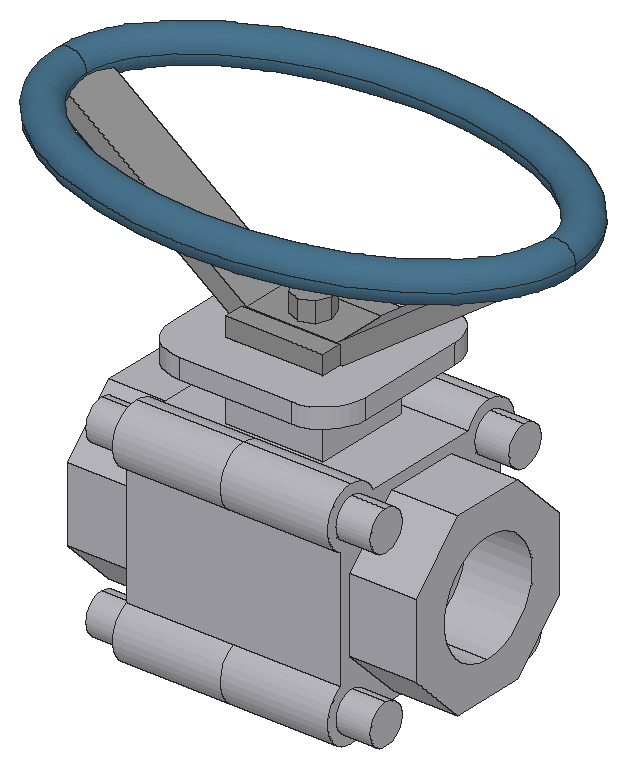
Revit family "valve-ball-3p-thd-full-body-oval-handle 320A", category Pipe Accessories, Revit 2018
Family settings
  Round Connector Dimension = Use Diameter
  Part Type = Valve - Breaks Into
  OmniClass Number = 23.60.30.11.14
  OmniClass Title = Pipework Fittings
  Work Plane-Based = No
  Always vertical = Yes
  Cut with Voids When Loaded = No
  Shared = No
Parameters
  Z4 [instance] = size_lookup(LookupTable, "Z4", 0.000", Nominal Diameter)  # 0.920"
  Z3 [instance] = size_lookup(LookupTable, "Z3", 0.000", Nominal Diameter)  # 0.200"
  Weight [instance] = size_lookup(LookupTable, "Weight", "NA", Nominal Diameter)  # "4.59 lbs."
  URL = "http://www.fnw.com"
  Standards Lookup Table = "Standards"  # constant formula
  R3 [instance] = size_lookup(LookupTable, "R3", 0.000", Nominal Diameter)  # 1.24451"
  Product ID Handle [instance] = size_lookup(LookupTable, "ProductIDHandle", "NA", Nominal Diameter)  # "4448711"
  Product ID [instance] = size_lookup(LookupTable, "ProductID", "NA", Nominal Diameter)  # "4106106"
  Pipe Diameter [instance] = size_lookup(Standards Lookup Table, "copper", 0.000", Nominal Diameter)  # 1.125"
  Pins [instance] = Lm / 2  # 0.880"
  Pin Length [instance] = X2 * 4 + X3  # 2.8824"
  Pin Diameter [instance] = size_lookup(LookupTable, "m", 0.000", Nominal Diameter)  # 0.400"
  Pin Bung [instance] = Pin Diameter * 1.5  # 0.600"
  Part Number Handle [instance] = size_lookup(LookupTable, "PartNumberHandle", "NA", Nominal Diameter)  # "FNW320AOHGH"
  Part Number [instance] = size_lookup(LookupTable, "PartNumber", "NA", Nominal Diameter)  # "FNW320ACG"
  PIpe Radius [instance] = Pipe Diameter / 2  # 0.5625"
  NPT Insert [instance] = size_lookup(Standards Lookup Table, "NPT_insert", 0.000", Nominal Diameter)  # 0.6828"
  Manufacturer = "FNW"  # constant formula
  Lm [instance] = size_lookup(LookupTable, "lm", 0.000", Nominal Diameter)  # 1.760"
  Grip Pin4 [instance] = X3 / 2 + (X2 * 2)  # 1.4412"
  Gear [instance] = D3_Half - 0.063"  # 0.4295"
  Description BOM Handle [instance] = size_lookup(LookupTable, "Description_BOMHandle", "NA", Nominal Diameter)  # "1 - 1-1/4 OVAL Handle Kit 320A BV"
  Description BOM [instance] = size_lookup(LookupTable, "Description_BOM", "NA", Nominal Diameter)  # "1 Stainless Steel 2000# 250# Steam Threaded 3 Piece BV"
  Z2 [instance] = size_lookup(LookupTable, "Z2", 0.000", Nominal Diameter)  # 0.300"
  Z1 [instance] = size_lookup(LookupTable, "Z1", 0.000", Nominal Diameter)  # 1.290"
  X3 [instance] = size_lookup(LookupTable, "X3", 0.000", Nominal Diameter)  # 1.4664"
  X2 [instance] = size_lookup(LookupTable, "X2", 0.000", Nominal Diameter)  # 0.354"
  X1 [instance] = size_lookup(LookupTable, "X1", 0.000", Nominal Diameter)  # 0.6828"
  Show Lever Clearance [instance] = no
  R2 [instance] = size_lookup(LookupTable, "R2", 0.000", Nominal Diameter)  # 1.04451"
  R1_Diam [instance] = R1 * 2  # 1.810"
  R1 [instance] = size_lookup(LookupTable, "R1", 0.000", Nominal Diameter)  # 0.905"
  Nominal Radius [instance] = Nominal Diameter / 2  # 0.500"
  Nominal Diameter [instance] = 1.000"
  LookupTable = "valve-ball-3p-thd-full-body-oval-handle 320A"  # constant formula
  HexAngle1 [instance] = 135.00°
  D4 [instance] = size_lookup(LookupTable, "D4", 0.000", Nominal Diameter)  # 0.5625"
  D3_Half [instance] = D3 / 2  # 0.4925"
  D3 [instance] = size_lookup(LookupTable, "D3", 0.000", Nominal Diameter)  # 0.985"
  D2_Half [instance] = D2 / 2  # 0.73875"
  D2 [instance] = size_lookup(LookupTable, "D2", 0.000", Nominal Diameter)  # 1.4775"
  D1_Half [instance] = D1 / 2  # 0.985"
  D1 [instance] = size_lookup(LookupTable, "D1", 0.000", Nominal Diameter)  # 1.970"
  Body_W [instance] = Lm / 2 + 0.125"  # 1.005"
  3_Z3 [instance] = size_lookup(LookupTable, "3_Z3", 0.000", Nominal Diameter)  # 1.4525"
  3_Z1 [instance] = size_lookup(LookupTable, "3_Z1", 0.000", Nominal Diameter)  # 1.630"
  3_Y1 [instance] = size_lookup(LookupTable, "3_Y1", 0.000", Nominal Diameter)  # 2.990"
  3_X3 [instance] = size_lookup(LookupTable, "3_X3", 0.000", Nominal Diameter)  # 0.985"
  3_X1 [instance] = size_lookup(LookupTable, "3_X1", 0.000", Nominal Diameter)  # 4.960"
  3_L1 [instance] = size_lookup(LookupTable, "3_L1", 0.000", Nominal Diameter)  # 0.1875"
  3_D1 [instance] = size_lookup(LookupTable, "3_D1", 0.000", Nominal Diameter)  # 0.355"
Reference planes (in)
  plane 1 "Center (Front/Back)": y = 0
  plane 2: z = 0
  plane 3 "Center (Left/Right)": x = 0
  plane 4 "X7 End": x = -1.77
  plane 5: x = -0.7332
  plane 6: x = 0.7332
  plane 7: x = 1.77
  plane 8 "Pipe radius": z = 0.5625
  plane 9 "NPT": x = -1.0872
  plane 10: z = 0.905
  plane 11: z = 1.29
  plane 12: z = 1.59
  plane 13 "top of pad": z = 1.79
  plane 14: x = 1.0872
  plane 15: x = -1.0872
  plane 16: y = -0.88
  plane 17: z = -0.88
  plane 18: z = 0.88
  plane 19: y = 0.88
  plane 20: x = 10.098
  plane 21: x = -6.87
  plane 22: y = 2.5
  plane 23: y = -2.5
  plane 24: y = -0.88
  plane 25: z = -0.88
  plane 26: z = 0.88
  plane 27: y = 0.88
  plane 28: through (0, 0, 0) normal (0, 0.7071, -0.7071)
  plane 29: through (0, 0, 0) normal (0, 0.7071, 0.7071)
  plane 30: y = -0.88
  plane 31: y = 0.88
  plane 32: y = -1.465
  plane 33: z = -1.465
  plane 34: z = 1.465
  plane 35: y = 1.465
  plane 36 "Pin Plane": x = -1.4412
  plane 37 "NPT 3": x = 1.77
  plane 38: x = 1.4412
  plane 39: z = -1.27275
  plane 40 "LM": z = 1.27275
Forms (in)
  Extrusion 1, solid, material "Steel, Stainless", not visible
    sketch origin (-1.0872, 0, 0) x (0, 0, 1) y (0, -1, 0)
      loop
        circle (0, 0) r 0.5
    from 0 to 2.1744
  Extrusion 2, solid, material "Steel, Stainless"
    sketch origin (1.4276, 0, 0) x (0, 0, 1) y (0, -1, 0)
      loop
        line (-0.37486, -0.905) -> (0.37486, -0.905) -> (0.905, -0.37486) -> (0.905, 0.37486) -> (0.37486, 0.905) -> (-0.37486, 0.905) -> (-0.905, 0.37486) -> (-0.905, -0.37486) -> (-0.37486, -0.905)
      loop
        circle (0, 0) r 0.5625
    from -3.1976 to 0.3424
  Extrusion 3, solid, material "Steel, Stainless"
    sketch origin (0, 0, 0.865) x (-1, 0, 0) y (0, -1, 0)
      loop
        arc (0.56833, -0.985) -> (0.86296, -0.86296) -> (0.985, -0.56833) r 0.41667
        line (0.985, -0.56833) -> (0.985, 0.56833)
        arc (0.985, 0.56833) -> (0.86296, 0.86296) -> (0.56833, 0.985) r 0.41667
        line (0.56833, 0.985) -> (-0.56833, 0.985)
        arc (-0.56833, 0.985) -> (-0.86296, 0.86296) -> (-0.985, 0.56833) r 0.41667
        line (-0.985, 0.56833) -> (-0.985, -0.56833)
        arc (-0.985, -0.56833) -> (-0.86296, -0.86296) -> (-0.56833, -0.985) r 0.41667
        line (-0.56833, -0.985) -> (0.56833, -0.985)
      loop
        circle (0, 0) r 0.4925
      loop
        circle (0, 0) r 0.4295
    from 0.725 to 0.925
  Extrusion 4, solid, material "Steel, Stainless"
    sketch origin (0, 0, 0.865) x (-1, 0, 0) y (0, -1, 0)
      loop
        line (0.4925, -0.4925) -> (0.4925, 0.4925) -> (-0.4925, 0.4925) -> (-0.4925, -0.4925) -> (0.4925, -0.4925)
    from -0.3025 to 0.725
  Extrusion 5, solid, material "Steel, Stainless"
    sketch origin (0, 0, 0.865) x (-1, 0, 0) y (0, -1, 0)
      loop
        line (0.21875, -0.21875) -> (0.21875, 0.21875) -> (-0.21875, 0.21875) -> (-0.21875, -0.21875) -> (0.21875, -0.21875)
    from 0.425 to 0.925
  Extrusion 6, solid, material "Steel, Stainless"
    sketch origin (-1.0872, 0, 0) x (0, 0, 1) y (0, -1, 0)
      loop
        circle (0.88, 0.88) r 0.2
      loop
        circle (0.88, -0.88) r 0.2
      loop
        circle (-0.88, -0.88) r 0.2
      loop
        circle (-0.88, 0.88) r 0.2
    from -0.354 to 2.5284
  Extrusion 7, solid, material "Steel, Stainless"
    sketch origin (-1.0872, 0, 0) x (0, 0, 1) y (0, -1, 0)
      loop
        circle (0.88, -0.88) r 0.3
      loop
        circle (0.88, 0.88) r 0.3
      loop
        circle (-0.88, 0.88) r 0.3
      loop
        circle (-0.88, -0.88) r 0.3
    from 0 to 1.0872
  Extrusion 8, solid, material "Steel, Stainless"
    sketch origin (-1.0872, 0, 0) x (0, 0, 1) y (0, -1, 0)
      loop
        circle (0.88, -0.88) r 0.3
      loop
        circle (0.88, 0.88) r 0.3
      loop
        circle (-0.88, 0.88) r 0.3
      loop
        circle (-0.88, -0.88) r 0.3
    from 1.0872 to 2.1744
  Extrusion 9, solid, material "Steel, Stainless"
    sketch origin (-1.4412, 0, 0) x (0, 0, 1) y (0, -1, 0)
      loop
        line (1.005, -1.005) -> (1.005, 1.005) -> (-1.005, 1.005) -> (-1.005, -1.005) -> (1.005, -1.005)
    from 0.354 to 2.5284
Cuts and joins
  joined: Extrusion 7, Extrusion 8, Extrusion 9
Dimensions and locks (in)
  "PIpe Radius": plane 8 "Pipe radius" to plane 2
  "X1": plane 4 "X7 End" to plane 9 "NPT"
  "R1": Extrusion 2 sketch curve to plane 1 "Center (Front/Back)"
  "R1": plane 1 "Center (Front/Back)" to Extrusion 2 sketch curve  (x5)
  "R1": plane 2 to Extrusion 2 sketch curve  (x2)
  "R1": plane 10 to plane 2
  "Z1": plane 11 to plane 2
  "Z2": plane 12 to plane 11
  "Z3": plane 13 "top of pad" to plane 12
  "X2": plane 5 to plane 9 "NPT"
  "D1_Half": Extrusion 3 sketch curve to plane 3 "Center (Left/Right)"
  "D1_Half": plane 3 "Center (Left/Right)" to Extrusion 3 sketch curve
  "D1_Half": plane 1 "Center (Front/Back)" to Extrusion 3 sketch curve
  "D1_Half": Extrusion 3 sketch curve to plane 1 "Center (Front/Back)"
  "D3_Half": Extrusion 4 sketch curve to plane 3 "Center (Left/Right)"
  "D3_Half": plane 3 "Center (Left/Right)" to Extrusion 4 sketch curve
  "D3_Half": plane 1 "Center (Front/Back)" to Extrusion 4 sketch curve  (x2)
  "NPT Insert": plane 4 "X7 End" to plane 15
  equal spacing: Extrusion 5 sketch curve, plane 1 "Center (Front/Back)", Extrusion 5 sketch curve
  Extrusion 5 sketch curve to Extrusion 5 sketch curve = 0.4375"  (x2)
  equal spacing: Extrusion 5 sketch curve, plane 3 "Center (Left/Right)", Extrusion 5 sketch curve
  "Pins": plane 2 to plane 18
  "Pins": plane 2 to plane 17
  "Pins": plane 1 "Center (Front/Back)" to plane 16
  "Pins": plane 19 to plane 1 "Center (Front/Back)"
  equal spacing: plane 22, plane 1 "Center (Front/Back)", plane 23
  plane 22 to plane 23 = 5.000"
  "Pins": plane 27 to plane 1 "Center (Front/Back)" to plane 24
  "Pins": plane 25 to plane 2 to plane 26
  plane 31 to plane 30 = 1.760"
  equal spacing: plane 31, plane 1 "Center (Front/Back)", plane 30
  "Lm": plane 31 to plane 30
  plane 35 to plane 32 = 2.930"
  plane 33 to plane 34 = 2.930"
  "X2": plane 14 to plane 6
  "X2": plane 15 to plane 36 "Pin Plane"
  equal spacing: plane 6, plane 3 "Center (Left/Right)", plane 5
  "X3": plane 6 to plane 5
  "X1": plane 37 "NPT 3" to plane 14
  "Grip Pin4": Extrusion 6 to plane 3 "Center (Left/Right)"
  "X2": plane 38 to plane 14
  "NPT Insert": plane 7 to plane 14
  "Body_W": Extrusion 9 sketch curve to plane 2
  "Body_W": plane 1 "Center (Front/Back)" to Extrusion 9 sketch curve
  "Body_W": plane 2 to Extrusion 9 sketch curve
  "Body_W": Extrusion 9 sketch curve to plane 1 "Center (Front/Back)"
  "Nominal Radius": radius of Extrusion 1 sketch curve
  "PIpe Radius": radius of Extrusion 2 sketch curve
  radius of Extrusion 3 sketch curve = 0.41667"  (x4)
  "D3_Half": radius of Extrusion 3 sketch curve
  "Gear": radius of Extrusion 3 sketch curve
  "Pin Diameter": diameter of Extrusion 6 sketch curve  (x4)
  "Pin Bung": diameter of Extrusion 7 sketch curve  (x4)
  "Pin Bung": diameter of Extrusion 8 sketch curve  (x4)
  angle Extrusion 2 sketch curve to Extrusion 2 sketch curve = 135.00°  (x7)
  aligned and locked: plane 2 to level
  aligned and locked: plane 4 "X7 End" to Extrusion 2
  aligned and locked: Extrusion 3 to plane 12
  aligned and locked: plane 13 "top of pad" to Extrusion 3
  aligned and locked: Extrusion 4 to plane 8 "Pipe radius"
  aligned and locked: Extrusion 1 to plane 15
  aligned and locked: plane 12 to Extrusion 4
  aligned and locked: Extrusion 5 to plane 11
  aligned and locked: Extrusion 7 to plane 9 "NPT"
  aligned and locked: Extrusion 8 to Extrusion 1
  aligned and locked: plane 14 to Extrusion 8
  aligned and locked: Extrusion 2 to plane 37 "NPT 3"
  aligned and locked: plane 13 "top of pad" to Extrusion 5
  aligned and locked: Extrusion 6 to plane 36 "Pin Plane"
  aligned and locked: plane 3 "Center (Left/Right)" to Extrusion 7
  aligned and locked: Extrusion 8 to plane 3 "Center (Left/Right)"
  aligned and locked: Extrusion 9 to plane 9 "NPT"
  aligned and locked: Extrusion 9 to Extrusion 1
Automatic sketch dimensions
  Extrusion 1 sketch curve to level = 0.000"
  Extrusion 1 sketch curve to plane 1 "Center (Front/Back)" = 0.000"
  Extrusion 2 sketch curve to level = 0.000"
  Extrusion 2 sketch curve to plane 1 "Center (Front/Back)" = 0.000"
  Extrusion 3 sketch curve to Extrusion 3 sketch curve = 0.000"  (x2)
  plane 1 "Center (Front/Back)" to Extrusion 3 sketch curve = 0.000"
  Extrusion 3 sketch curve to plane 3 "Center (Left/Right)" = 0.000"
  Extrusion 6 sketch curve to plane 17 = 0.000"  (x2)
  Extrusion 6 sketch curve to plane 16 = 0.000"  (x2)
  plane 18 to Extrusion 6 sketch curve = 0.000"  (x2)
  Extrusion 6 sketch curve to plane 19 = 0.000"  (x2)
  Extrusion 7 sketch curve to plane 24 = 0.000"  (x2)
  Extrusion 7 sketch curve to plane 25 = 0.000"  (x2)
  plane 26 to Extrusion 7 sketch curve = 0.000"  (x2)
  Extrusion 7 sketch curve to plane 27 = 0.000"  (x2)
  plane 28 to Extrusion 8 sketch curve = 0.000"  (x2)
  Extrusion 8 sketch curve to plane 30 = 0.000"  (x2)
  plane 29 to Extrusion 8 sketch curve = 0.000"  (x2)
  Extrusion 8 sketch curve to plane 31 = 0.000"  (x2)
Nested families (in)
  nested 1: "Oval Handle 320A" at (0, 0, 1.79) x (-1, 0, 0) z (0, 0, 1), 3_D1 <- "3_D1", 3_L1 <- "3_L1", 3_X1 <- "3_X1", 3_X3 <- "3_X3", 3_Y1 <- "3_Y1", 3_Z1 <- "3_Z1", 3_Z3 <- "3_Z3", D3 <- "D3", Z3 <- "Z3", Description BOM <- "Description BOM Handle", Part Number <- "Part Number Handle", Product ID <- "Product ID Handle", type "Oval Handle 320A"
    with b 2.480", a 1.35375", Z3 0.200", Show Lever Clearance yes, Product ID "4448711", Part Number "FNW320AOHGH", Description BOM "1 - 1-1/4 OVAL Handle Kit 320A BV", D3 0.985", Center of Oval Handle 1.54125", Angle Hex Head 135.00°, 3_Z3 1.4525", 3_Z2 0.125", 3_Z1 1.630", 3_Y1 2.990", 3_X3 0.985", 3_X1 4.960", 3_L1_Half 0.09375", 3_L1 0.1875", 3_D1_Radius 0.1775", 3_D1 0.355"
Connectors (in)
  piping at (-1.0872, 0, 0), diameter 1, driven by "Nominal Diameter"
    settings: on Extrusion 1, index 1, connector inside diameter 24", connector length 0.000", flow factor 0, pipe flow 0 GPM, pressure drop 0.00 psi, fitting loss kfactor 0, connector angle 0.00°, fixture units 0, engagement length 0.000", angle of deflection 0.00°, flow configuration 0, flow direction 0, fitting loss method 0, system type 7, joint type 0, gender type 0, connector reference index 2, connector utility 0, adjustable connector no, is connector primary yes, connector description ""
  piping at (1.0872, 0, 0), diameter 1, driven by "Nominal Diameter"
    settings: on Extrusion 1, index 2, connector inside diameter 24", connector length 0.000", flow factor 0, pipe flow 0 GPM, pressure drop 0.00 psi, fitting loss kfactor 0, connector angle 0.00°, fixture units 0, engagement length 0.000", angle of deflection 0.00°, flow configuration 0, flow direction 0, fitting loss method 0, system type 7, joint type 0, gender type 0, connector reference index 1, connector utility 0, adjustable connector no, is connector primary no, connector description ""
Definition of nested family "Oval Handle 320A"
  Parameters (values of type "Oval Handle 320A")
    b [instance] = [3_X1] / 2  # 2.105"
    a [instance] = Center of Oval Handle - [3_L1]  # 1.34375"
    Z3 [instance] = 0.14279"
    Product ID [instance] = ""
    Part Number [instance] = ""
    Description BOM [instance] = ""
    D3 [instance] = 0.27676"
    Center of Oval Handle [instance] = ([3_Z1] - [3_Z3]) / 2 + ([3_Z3])  # 1.46875"
    Angle 2 = 45.00°  # constant formula
    Show Lever Clearance [instance] = yes
    Default Elevation = 48.000"
    Angle Hex Head [instance] = 135.00°  # constant formula
    3_Z3 [instance] = 1.3125"
    3_Z2 [instance] = 0.125"
    3_Z1 [instance] = 1.625"
    3_Y1 [instance] = 2.800"
    3_X3 [instance] = 0.5625"
    3_X1 [instance] = 4.210"
    3_L1_Half [instance] = [3_L1] / 2  # 0.0625"
    3_L1 [instance] = 0.125"
    3_D1_Radius [instance] = [3_D1] / 2  # 0.1565"
    3_D1 [instance] = 0.313"
  Reference planes (in)
    plane 1 "Center (Front/Back)": y = 0
    plane 2: z = 0
    plane 3 "Center (Left/Right)": x = 0
    plane 4: y = 1
    plane 5: y = -1
    plane 6: y = 1.03125
    plane 7: y = -1.03125
    plane 8: x = -0.28125
    plane 9: x = 0.28125
    plane 10 "Z3_Base": z = 0.125
    plane 11: z = -0.125
    plane 12: z = 1.625
    plane 13: z = 1.3125
    plane 14: x = -2.105
    plane 15: x = 2.105
    plane 16: x = -1.28
    plane 17: x = 1.28
    plane 18: x = -0.15625
    plane 19: x = 0.21875
    plane 20: y = 1.4
    plane 21 "Center of Oval Side View": y = -1.4
    plane 22 "Centerline Oval Handle": z = 1.46875
    plane 23: y = 0.28125
    plane 24: y = -0.28125
    plane 25: z = 0.26779
  Forms (in)
    Extrusion 1, solid
      sketch origin (0, 0, 0) x (1, 0, 0) y (0, 1, 0)
        loop
          line (-48, 48) -> (-48, -48) -> (48, -48) -> (48, 48) -> (-48, 48)
      from 0 to -12
    Sweep 2, solid
      path origin (0, 0, 1.46875) x (0, -1, 0) y (1, 0, 0)
        loop
          spline (0, -2.105) -> (0.36235, -2.03327) -> (0.7, -1.82298) -> (0.98995, -1.48846) -> (1.21244, -1.0525) -> (1.3523, -0.54481) -> (1.4, 0) -> (1.3523, 0.54481) -> (1.21244, 1.0525) -> (0.98995, 1.48846) -> (0.7, 1.82298) -> (0.36235, 2.03327) -> (0, 2.105)
          spline (0, 2.105) -> (-0.36235, 2.03327) -> (-0.7, 1.82298) -> (-0.98995, 1.48846) -> (-1.21244, 1.0525) -> (-1.3523, 0.54481) -> (-1.4, 0) -> (-1.3523, -0.54481) -> (-1.21244, -1.0525) -> (-0.98995, -1.48846) -> (-0.7, -1.82298) -> (-0.36235, -2.03327) -> (0, -2.105)
      profile origin (0, 1.4, 1.46875) x (0, 1, 0) y (0, 0, 1)
        loop
          circle (0, 0) r 0.1565
    Extrusion 3, solid
      sketch origin (0, 0, 0) x (1, 0, 0) y (0, 0, 1)
        loop
          line (-0.28125, -0.125) -> (-0.15625, -0.125) -> (-0.15625, 0) -> (0.21875, 0) -> (0.21875, -0.125) -> (0.28125, -0.125) -> (0.28125, 0.125) -> (-0.28125, 0.125) -> (-0.28125, -0.125)
      from -0.28125 to 0.28125
    Sweep 4, solid
      path origin (0, 0, 0) x (1, 0, 0) y (0, 0, 1)
        loop
          line (-2.105, 1.46875) -> (-0.28125, 0.0625) -> (0.28125, 0.0625) -> (2.105, 1.46875)
      profile origin (-1.19312, 0, 0.76563) x (0.610628, 0, 0.791917) y (0, -1, 0)
        loop
          line (0.0625, -0.28125) -> (0.0625, 0.28124) -> (-0.0625, 0.28124) -> (-0.0625, -0.28125) -> (0.0625, -0.28125)
    Extrusion 5, solid
      sketch origin (0, 0, 1.46875) x (0, -1, 0) y (1, 0, 0)
        loop
          line (0.16939, 0) -> (0.11978, 0.11978) -> (0, 0.16939) -> (-0.11978, 0.11978) -> (-0.16939, 0) -> (-0.11978, -0.11978) -> (0, -0.16939) -> (0.11978, -0.11978) -> (0.16939, 0)
      from -1.34375 to -1.20096
  Lines and regions (in)
    reference lines
      curve 1: line (0, 0, 3.375) -> (0, 0, -1.625)
  Text (in)
    text "3_X1 -Center of Sweep" at (6.95247, 0, 9.12543), in view "Front"
    text "3_Y1 - Other view Left Oval Center" at (8.35736, 0, 8.09025), in view "Front"
  Dimensions and locks (in)
    equal spacing: plane 4, plane 1 "Center (Front/Back)", plane 5
    plane 4 to plane 5 = 2.000"
    plane 5 to plane 7 = 0.03125"
    plane 6 to plane 4 = 0.03125"
    equal spacing: plane 9, plane 3 "Center (Left/Right)", plane 8
    "3_X3": plane 9 to plane 8
    "3_L1": plane 10 "Z3_Base" to plane 2
    "3_Z2": plane 2 to plane 11
    "3_Z1": plane 12 to plane 2
    "3_Z3": plane 13 to plane 2
    equal spacing: plane 14, plane 3 "Center (Left/Right)", plane 15
    "3_X1": plane 14 to plane 15
    plane 14 to plane 16 = 0.825"
    plane 15 to plane 17 = 0.825"
    "3_L1": plane 18 to plane 8
    "3_L1_Half": plane 19 to plane 9
    equal spacing: plane 20, plane 1 "Center (Front/Back)", plane 21 "Center of Oval Side View"
    "3_Y1": plane 20 to plane 21 "Center of Oval Side View"
    "Center of Oval Handle": plane 22 "Centerline Oval Handle" to plane 2
    equal spacing: plane 23, plane 1 "Center (Front/Back)", plane 24
    "3_X3": plane 23 to plane 24
    equal spacing: Sweep 4 sketch curve, profile plane, Sweep 4 sketch curve
    "3_L1": Sweep 4 sketch curve to Sweep 4 sketch curve
    "3_L1_Half": Sweep 4 sketch curve to plane 2
    equal spacing: Extrusion 5 sketch curve, curve 1, Extrusion 5 sketch curve  (x4)
    "3_D1": Extrusion 5 sketch curve to Extrusion 5 sketch curve  (x4)
    "Z3": plane 25 to plane 10 "Z3_Base"
    "3_D1_Radius": radius of Sweep 2 sketch curve
    "Angle Hex Head": angle Extrusion 5 sketch curve to Extrusion 5 sketch curve  (x7)
    aligned and locked: plane 2 to Extrusion 1
    aligned and locked: level to Extrusion 1
    aligned and locked: curve 1 to plane 3 "Center (Left/Right)"
    aligned and locked: plane 20 to Sweep 2 sketch curve
    aligned and locked: plane 21 "Center of Oval Side View" to Sweep 2 sketch curve
    aligned and locked: plane 15 to Sweep 2 sketch curve
    aligned and locked: plane 14 to Sweep 2 sketch curve
    aligned and locked: plane 23 to Extrusion 3
    aligned and locked: Extrusion 3 to plane 24
    aligned and locked: plane 14 to Sweep 4 sketch curve
    aligned and locked: plane 22 "Centerline Oval Handle" to Sweep 4 sketch curve  (x2)
    aligned and locked: plane 15 to Sweep 4 sketch curve
    aligned and locked: plane 10 "Z3_Base" to Extrusion 5
    aligned and locked: Extrusion 5 to plane 25
  Automatic sketch dimensions
    Extrusion 1 sketch curve to Extrusion 1 sketch curve = 96.000"  (x2)
    curve 1 to level = 1.625"
    level to curve 1 = 3.375"
    Extrusion 3 sketch curve to plane 8 = 0.000"
    Extrusion 3 sketch curve to plane 11 = 0.000"  (x2)
    Extrusion 3 sketch curve to plane 18 = 0.000"
    Extrusion 3 sketch curve to level = 0.000"
    Extrusion 3 sketch curve to plane 19 = 0.000"
    Extrusion 3 sketch curve to plane 9 = 0.000"
    Extrusion 3 sketch curve to plane 10 "Z3_Base" = 0.000"
    plane 22 "Centerline Oval Handle" to Sweep 2 sketch curve = 0.000"
    Sweep 2 sketch curve to profile plane = 0.000"
    Sweep 4 sketch curve to plane 8 = 0.000"
    Sweep 4 sketch curve to plane 9 = 0.000"
    Sweep 4 sketch curve to plane 1 "Center (Front/Back)" = 0.28125"
    plane 1 "Center (Front/Back)" to Sweep 4 sketch curve = 0.28124"
    plane 1 "Center (Front/Back)" to Extrusion 5 sketch curve = 0.000"
